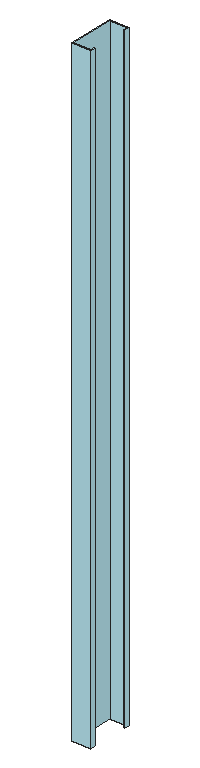
Revit family "hokyozai_75", category 機械設備, Revit 2022
Family settings
  丸型コネクタ寸法 = 直径を使用
  種別 = なし
  パーツ タイプ = 標準
  作業面ベース = いいえ
  常に垂直 = はい
  ロード時にボイドで切り取り = いいえ
  注釈の向きを維持 = いいえ
  共有 = いいえ
  部屋計算ポイント = いいえ
Parameters
  製造元 = "株式会社桐井製作所"
  既定の高さ = 0 mm
  URL = "https://www.kirii.co.jp/"
  K_長さ(mm) [instance] = 1000 mm
  K_材質 = "SGCC一般用・SGC340~570高強度一般用・SGC340~570高強度一般用"
  K_外形寸法(mm) = "75×30×7"
  K_品名 = "75補強材"
  K_名称 = "補強材"
  K_バージョン情報 = "20210524"
  K_めっき付着量 = "Z08"
  K_JIS規格 = "JIS G 3302"
Reference planes
  plane 1 "中心(正面/背面)": y = 0
  plane 2: z = 0
  plane 3 "中心(左/右)": x = 0
  plane 4: z = 1000
  plane 5: y = 75
Forms (mm)
  Extrusion 1, solid, material "04ブレース材・補強材"
    sketch origin (0, 0, 0) x (1, 0, 0) y (0, 1, 0)
      loop
        line (0, 0) -> (30, 0) -> (30, 7) -> (28.8, 7) -> (28.8, 1.2) -> (1.2, 1.2) -> (1.2, 73.8) -> (28.8, 73.8) -> (28.8, 68) -> (30, 68) -> (30, 75) -> (0, 75) -> (0, 0)
    from 0 to 1000
Dimensions and locks
  "K_長さ(mm)": plane 4 to plane 2
  aligned and locked: level to plane 2
  aligned and locked: plane 4 to Extrusion 1
  aligned and locked: plane 5 to Extrusion 1
Automatic sketch dimensions
  Extrusion 1 sketch curve to plane 3 "中心(左/右)" = 0 mm
  plane 1 "中心(正面/背面)" to Extrusion 1 sketch curve = 0 mm
  plane 3 "中心(左/右)" to Extrusion 1 sketch curve = 1.2 mm
  Extrusion 1 sketch curve to plane 1 "中心(正面/背面)" = 1.2 mm
  Extrusion 1 sketch curve to Extrusion 1 sketch curve = 1.2 mm  (x3)
  Extrusion 1 sketch curve to Extrusion 1 sketch curve = 5.8 mm  (x2)
  Extrusion 1 sketch curve to Extrusion 1 sketch curve = 61 mm
  Extrusion 1 sketch curve to Extrusion 1 sketch curve = 27.6 mm  (x2)
